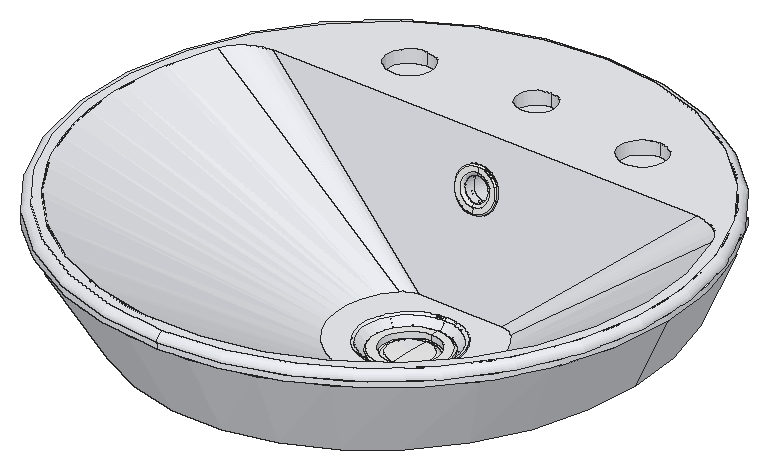
Revit family "Basin-Caroma Orbis Inset Vanity", category Plumbing Fixtures, host Face, Revit 2012
Parameters (values of type "Orbis Inset - 3 Tap Holes")
  Waste Radius [instance] = 30 mm
  Waste Connection = yes
  Waste = Metal-Chrome-Caroma
  Vent Connection = no
  URL = "www.caroma.com.au"
  Type Comments = "Vitreous China Inset Vanity Basin"  # constant formula
  Tap Penetrations = if([3 Tapholes], 0 mm, 100 mm)  # 0 mm
  Spout Penetration = if(or([1 Taphole], [3 Tapholes]), 0 mm, 100 mm)  # 0 mm
  PlumbingMaterial_ANZRS = Porcelain-White-Caroma
  Model = "633435"
  Manufacturer = "Caroma"  # constant formula
  HW Connection = no
  Description = "Orbis Inset Vanity Basin"  # constant formula
  Default Elevation = 1219.2 mm
  CreatedBy_ANZRS = "Design Content"  # constant formula
  CreatedByURL_ANZRS = "www.designcontent.com.au"
  CW Connection = no
  3 Tapholes = not([1 Taphole])  # yes
  1 Taphole = no
Reference planes
  plane 1 "Center (Front/Back)": y = 0
  plane 2: z = 0
  plane 3 "Center (Left/Right)": x = 0
  plane 4 "Back": y = 220
  plane 5 "Front": y = -220
  plane 6 "Left": x = -220
  plane 7 "Right": x = 220
  plane 8: y = 25
  plane 9: x = -90
  plane 10: y = 147
  plane 11: x = 90
  plane 12: z = 77
  plane 13 "Waste Connector": z = -85
  plane 14 "Tap Connectors": z = 67
  plane 15: z = 67
  plane 16: z = 67
Forms (mm)
  Revolve 1, solid, material "Porcelain-White-Caroma" <- "PlumbingMaterial_ANZRS"
    sketch origin (0, 0, 4.325) x (0, 1, 0) y (0, 0, 1)
      loop
        line (47.001, -89.325) -> (52.001, -89.325) -> (52.001, -54.07) -> (61.746, -44.325) -> (60.918, -39.325)
        arc (60.918, -39.325) -> (59.77, -39.553) -> (58.796, -40.204) r 3
        line (58.796, -40.204) -> (48.601, -50.399)
        arc (48.601, -50.399) -> (47.417, -52.171) -> (47.001, -54.261) r 5.461
        line (47.001, -54.261) -> (47.001, -89.325)
      axis (25, -89.325) -> (25, -39.325)
    angle from 0 to 360
  Revolve 2, void
    sketch origin (0, 0, 4.325) x (0, 1, 0) y (0, 0, 1)
      loop
        line (47.001, -87) -> (47.001, -54.261)
        arc (47.001, -54.261) -> (47.417, -52.171) -> (48.601, -50.399) r 5.461
        line (48.601, -50.399) -> (58.796, -40.204)
        arc (58.796, -40.204) -> (59.77, -39.553) -> (60.918, -39.325) r 3
        line (60.918, -39.325) -> (70.145, -39.325) -> (70.145, -30.246) -> (25, -30.246) -> (25, -87) -> (47.001, -87)
      axis (25, -87) -> (25, -30.246)
    angle from 0 to 360
  Revolve 3, solid, material "Metal-Chrome-Caroma" <- "Waste", detail levels fine
    sketch origin (0, 0, 4.325) x (0, 1, 0) y (0, 0, 1)
      loop
        line (25, -53.692) -> (37.21, -53.692) -> (46.961, -48.287) -> (46.961, -45.838) -> (52.971, -45.838) -> (52.971, -45.027) -> (51.863, -44.308) -> (45.393, -44.308) -> (45.393, -48.615) -> (37.737, -52.859) -> (37.737, -49.13) -> (43.571, -49.13)
        arc (43.571, -49.13) -> (42.547, -47.846) -> (41.02, -47.244) r 3.183
        arc (41.02, -47.244) -> (33.023, -46.552) -> (25, -46.322) r 139.649
        line (25, -46.322) -> (25, -53.692)
      axis (25, -53.692) -> (25, -44.308)
    angle from 0 to 360
  Revolve 4, solid, material "Metal-Chrome-Caroma" <- "Waste", detail levels fine
    sketch origin (0, -0.853, 13.57) x (0, 0.997564, -0.069756) y (0, 0.069756, 0.997564)
      loop
        line (98.081, 44.246) -> (89.785, 45.412) -> (90.451, 50.155) -> (89.526, 50.285) -> (88.463, 49.438) -> (87.896, 45.404)
        arc (87.896, 45.404) -> (88.28, 43.922) -> (89.598, 43.145) r 2
        line (89.598, 43.145) -> (97.765, 41.998) -> (98.081, 44.246)
      axis (96.481, 32.866) -> (86.334, 34.292)
    angle from 0 to 360
  Revolve 5, void
    sketch origin (0, -6.938, 13.741) x (0, 0.997564, -0.069756) y (0, 0.069756, 0.997564)
      loop
        line (129.097, 38.703) -> (90.8, 44.085) -> (89.516, 34.953) -> (127.813, 29.571) -> (129.097, 38.703)
      axis (127.813, 29.571) -> (89.516, 34.953)
    angle from 0 to 360
  Extrusion 6, void
    sketch origin (80.111, -4572, 67) x (0, -1, 0) y (-1, 0, 0)
      loop
        circle (-4709, 170.111) r 16.956
      loop
        circle (-4709, -9.889) r 17
    from 0 to -100
  Extrusion 7, void
    sketch origin (-14.884, -4572, 67) x (0, -1, 0) y (-1, 0, 0)
      loop
        circle (-4719, -14.884) r 14
    from 0 to -100
  Blend 8, solid, material "Porcelain-White-Caroma" <- "PlumbingMaterial_ANZRS"
    base sketch origin (0, 0, 0) x (1, 0, 0) y (0, 1, 0)
      loop
        circle (0, 0) r 220
    top sketch origin (0, 0, 0) x (1, 0, 0) y (0, 1, 0)
      loop
        spline (-180, 17.91) -> (-173.867, -33.724) -> (-155.885, -81.84) -> (-127.279, -123.158) -> (-90, -154.862) -> (-46.587, -174.792) -> (0, -181.59) -> (46.587, -174.792) -> (90, -154.862) -> (127.279, -123.158) -> (155.885, -81.84) -> (173.867, -33.724) -> (180, 17.91)
        spline (180, 17.91) -> (173.867, 69.544) -> (155.885, 117.66) -> (127.279, 158.978) -> (90, 190.682) -> (46.587, 210.612) -> (0, 217.41) -> (-46.587, 210.612) -> (-90, 190.682) -> (-127.279, 158.978) -> (-155.885, 117.66) -> (-173.867, 69.544) -> (-180, 17.91)
    from 67 to 0
  Revolve 9, solid, material "Porcelain-White-Caroma" <- "PlumbingMaterial_ANZRS"
    sketch origin (0, 0, 0) x (0, 1, 0) y (0, 0, 1)
      loop
        line (-220, 67) -> (-212, 67) -> (-212, 77) -> (-214, 77)
        arc (-214, 77) -> (-218.243, 75.243) -> (-220, 71) r 6
        line (-220, 71) -> (-220, 67)
      axis (0, 67) -> (0, 77)
    angle from 0 to 360
  Extrusion 10, solid, material "Porcelain-White-Caroma" <- "PlumbingMaterial_ANZRS"
    sketch origin (0, 0, 0) x (1, 0, 0) y (0, 1, 0)
      loop
        circle (0, 0) r 212
    from 67 to 77
  Blend 11, void
    base sketch origin (0, 0, 0) x (1, 0, 0) y (0, 1, 0)
      loop
        arc (-191.522, 78.54) -> (0, -207) -> (191.522, 78.54) r 207
        arc (191.522, 78.54) -> (180.476, 92.072) -> (163.765, 97.157) r 30
        line (163.765, 97.157) -> (-163.765, 97.157)
        arc (-163.765, 97.157) -> (-180.476, 92.072) -> (-191.522, 78.54) r 30
    top sketch origin (0, 0, 0) x (1, 0, 0) y (0, 1, 0)
      loop
        arc (-43.178, 68.115) -> (0, -27.594) -> (43.178, 68.115) r 57.594
        arc (43.178, 68.115) -> (38.101, 71.861) -> (31.933, 73.188) r 15
        line (31.933, 73.188) -> (-31.933, 73.188)
        arc (-31.933, 73.188) -> (-38.101, 71.861) -> (-43.178, 68.115) r 15
    from 77 to -35
  Blend 12, solid, material "Porcelain-White-Caroma" <- "PlumbingMaterial_ANZRS"
    base sketch origin (0, 0, 0) x (1, 0, 0) y (0, 1, 0)
      loop
        arc (-132.129, 90.615) -> (0, -142.71) -> (132.129, 90.615) r 154.074
        arc (132.129, 90.615) -> (123.008, 99.509) -> (110.689, 102.755) r 25
        line (110.689, 102.755) -> (-110.689, 102.755)
        arc (-110.689, 102.755) -> (-123.008, 99.509) -> (-132.129, 90.615) r 25
    top sketch origin (0, 0, 0) x (1, 0, 0) y (0, 1, 0)
      loop
        circle (0, 30) r 50
    from 0 to -45
  Extrusion 13, void
    sketch origin (0, 0, 0) x (1, 0, 0) y (0, 1, 0)
      loop
        spline (-160, 17.91) -> (-154.548, -28.548) -> (-138.564, -71.84) -> (-113.137, -109.016) -> (-80, -137.542) -> (-41.411, -155.474) -> (0, -161.59) -> (41.411, -155.474) -> (80, -137.542) -> (113.137, -109.016) -> (138.564, -71.84) -> (154.548, -28.548) -> (160, 17.91)
        spline (160, 17.91) -> (154.548, 64.368) -> (138.564, 107.66) -> (113.137, 144.836) -> (80, 173.361) -> (41.411, 191.294) -> (0, 197.41) -> (-41.411, 191.294) -> (-80, 173.361) -> (-113.137, 144.836) -> (-138.564, 107.66) -> (-154.548, 64.368) -> (-160, 17.91)
    from -85 to 0
Cuts and joins
  Revolve 2, Revolve 5, Extrusion 6, Extrusion 7, Blend 11 cuts Blend 8
  Revolve 2, Revolve 5, Extrusion 6, Extrusion 7 cuts Revolve 9
  Revolve 2, Revolve 5, Extrusion 6, Extrusion 7, Blend 11 cuts Extrusion 10
  Revolve 2, Revolve 5, Extrusion 6, Extrusion 7, Blend 11 cuts Blend 12
  joined: Blend 8, Revolve 9, Extrusion 10, Blend 12
Lines and regions (mm)
  Masking region 1
    outline origin (0, 0, 0) x (1, 0, 0) y (0, 1, 0)
      loop
        circle (0, 0) r 220
  Masking region 2
    outline origin (0, 0, 0) x (1, 0, 0) y (0, 0, 1)
      loop
        arc (-211.408, 77) -> (-216.352, 74.4) -> (-217.011, 68.854) r 6
        arc (-217.011, 68.854) -> (-200.703, 33.246) -> (-180, 0) r 307.478
        line (-180, 0) -> (180, 0)
        arc (180, 0) -> (200.703, 33.246) -> (217.011, 68.854) r 307.478
        arc (217.011, 68.854) -> (216.352, 74.4) -> (211.408, 77) r 6
        line (211.408, 77) -> (-211.408, 77)
  Masking region 3
    outline origin (0, 0, 0) x (0, 1, 0) y (0, 0, 1)
      loop
        line (210.659, 77) -> (-210.664, 77)
        arc (-210.664, 77) -> (-218.169, 72.967) -> (-218.948, 64.483) r 9
        arc (-218.948, 64.483) -> (-201.171, 30.577) -> (-178.134, 0) r 235.414
        line (-178.134, 0) -> (215.876, 0)
        arc (215.876, 0) -> (218.04, 33.807) -> (219.652, 67.645) r 2076.645
        arc (219.652, 67.645) -> (217.147, 74.237) -> (210.659, 77) r 9
  symbolic lines, visible <- "1 Taphole"
    curve 1: circle (0, 147, 0) r 14 normal (0, 0, 1)
  symbolic lines, visible <- "3 Tapholes"
    curve 2: circle (90, 137, 0) r 17 normal (0, 0, 1)
    curve 3: circle (-90, 137, 0) r 16.956 normal (0, 0, 1)
  symbolic lines
    curve 4: circle (0, 25, 0) r 35 normal (0, 0, 1)
    curve 5: circle (0, 25, 0) r 22.001 normal (0, 0, 1)
    curve 6: arc (-191.529, 73.086, 0) -> (0, -205, 0) -> (191.529, 73.086, 0) r 205
    curve 7: line (-163.5, 92.391, 0) -> (163.5, 92.391, 0)
    curve 8: arc (-163.5, 92.391, 0) -> (-180.517, 87.098, 0) -> (-191.529, 73.086, 0) r 30
    curve 9: arc (163.5, 92.391, 0) -> (180.517, 87.098, 0) -> (191.529, 73.086, 0) r 30
    curve 10: arc (-152.97, 92.391, 0) -> (-0.47, 84.74, 0) -> (152.03, 92.391, 0) r 1523.664
  symbolic lines, style "PlumbingFixturesHiddenLines"
    curve 11: arc (-141.9, 0, 0) -> (-93.905, 0, -28.207) -> (-40.829, 0, -45) r 248.063
    curve 12: line (-40.829, 0, -45) -> (-32.149, 0, -53.679)
    curve 13: line (-32.149, 0, -53.679) -> (-32.149, 0, -85)
    curve 14: arc (141.9, 0, 0) -> (93.905, 0, -28.207) -> (40.829, 0, -45) r 248.063
    curve 15: line (40.829, 0, -45) -> (32.149, 0, -53.679)
    curve 16: line (32.149, 0, -53.679) -> (32.149, 0, -85)
    curve 17: line (-32.149, 0, -85) -> (32.149, 0, -85)
    curve 18: arc (0, -135, 0) -> (0, -73.944, -27.963) -> (0, -8.987, -45) r 388.68
    curve 19: line (0, -8.987, -45) -> (0, -2.867, -51.12)
    curve 20: line (0, -2.867, -51.12) -> (0, -2.867, -85)
    curve 21: line (0, -2.867, -85) -> (0, 60.139, -85)
    curve 22: line (0, 60.139, -85) -> (0, 63.006, -80.904)
    curve 23: line (0, 63.006, -80.904) -> (0, 80.408, -80.904)
    curve 24: line (0, 80.408, -80.904) -> (0, 114.344, -46.968)
    curve 25: line (0, 114.344, -46.968) -> (0, 117.629, 0)
Dimensions and locks
  equal spacing: plane 6 "Left", plane 3 "Center (Left/Right)", plane 7 "Right"
  plane 6 "Left" to plane 7 "Right" = 440 mm
  equal spacing: plane 4 "Back", plane 1 "Center (Front/Back)", plane 5 "Front"
  plane 5 "Front" to plane 4 "Back" = 440 mm
  plane 4 "Back" to plane 8 = 195 mm
  plane 9 to plane 3 "Center (Left/Right)" to plane 11 = 90 mm, 90 mm
  plane 4 "Back" to plane 10 = 73 mm
  plane 12 to plane 14 "Tap Connectors" to level = 10 mm locked, 67 mm
  level to plane 13 "Waste Connector" = 85 mm
  "Tap Penetrations": plane 15 to plane 14 "Tap Connectors"
  "Spout Penetration": plane 16 to plane 14 "Tap Connectors"
  plane 12 to plane 13 "Waste Connector" = 162 mm
  aligned and locked: plane 2 to host face
  aligned and locked: level to host face
  aligned and locked: plane 9 to Extrusion 6 sketch curve
  aligned and locked: plane 11 to Extrusion 6 sketch curve
  aligned and locked: plane 3 "Center (Left/Right)" to Extrusion 7 sketch curve
  aligned and locked: plane 10 to Extrusion 7 sketch curve
Automatic sketch dimensions
  host sketch curve to host sketch curve = 2438.4 mm  (x2)
  Revolve 2 sketch curve to plane 8 = 0 mm  (x2)
  Revolve 2 sketch curve to Revolve 2 sketch curve = 1.6 mm
  Revolve 2 sketch curve to Revolve 2 sketch curve = 10.196 mm
  Revolve 2 sketch curve to Revolve 2 sketch curve = 2.121 mm  (x2)
  Revolve 2 sketch curve to Revolve 2 sketch curve = 9.227 mm
  Revolve 2 sketch curve to Revolve 2 sketch curve = 0 mm  (x2)
  Revolve 2 sketch curve to level = 25.921 mm
  Revolve 2 sketch curve to Revolve 2 sketch curve = 11.936 mm
  Revolve 2 sketch curve to Revolve 2 sketch curve = 3.862 mm
  Revolve 2 sketch curve to Revolve 2 sketch curve = 22.001 mm
  Revolve 2 sketch curve to Revolve 2 sketch curve = 9.079 mm
  Revolve 2 sketch curve to Revolve 2 sketch curve = 32.739 mm
  Revolve 3 sketch curve to plane 8 = 0 mm  (x2)
  Revolve 3 sketch curve to Revolve 3 sketch curve = 12.21 mm
  Revolve 3 sketch curve to Revolve 3 sketch curve = 0.528 mm
  Revolve 3 sketch curve to Revolve 3 sketch curve = 2.918 mm
  Revolve 3 sketch curve to Revolve 3 sketch curve = 0.365 mm
  Revolve 3 sketch curve to Revolve 3 sketch curve = 0 mm  (x3)
  Revolve 3 sketch curve to Revolve 3 sketch curve = 2.551 mm
  Revolve 3 sketch curve to Revolve 3 sketch curve = 1.822 mm
  Revolve 3 sketch curve to Revolve 3 sketch curve = 1.568 mm
  Revolve 3 sketch curve to Revolve 3 sketch curve = 4.902 mm
  Revolve 3 sketch curve to Revolve 3 sketch curve = 1.107 mm
  Revolve 3 sketch curve to level = 181.646 mm
  Revolve 3 sketch curve to level = 49.367 mm
  Revolve 3 sketch curve to Revolve 3 sketch curve = 0.833 mm
  Revolve 3 sketch curve to Revolve 3 sketch curve = 2.453 mm
  Revolve 3 sketch curve to Revolve 3 sketch curve = 0.515 mm
  Revolve 3 sketch curve to Revolve 3 sketch curve = 0.328 mm
  Revolve 3 sketch curve to Revolve 3 sketch curve = 2.449 mm
  Revolve 3 sketch curve to Revolve 3 sketch curve = 0.811 mm
  Revolve 3 sketch curve to Revolve 3 sketch curve = 0.719 mm
  plane 1 "Center (Front/Back)" to Blend 8 sketch curve = 0 mm
  Blend 8 sketch curve to plane 3 "Center (Left/Right)" = 0 mm  (x2)
  Blend 8 sketch curve to plane 8 = 7.09 mm
  Blend 8 sketch curve to plane 6 "Left" = 40 mm
  Revolve 9 sketch curve to plane 5 "Front" = 0 mm
  Revolve 9 sketch curve to plane 12 = 0 mm
  Revolve 9 sketch curve to plane 1 "Center (Front/Back)" = 0 mm
  plane 14 "Tap Connectors" to Revolve 9 sketch curve = 4 mm
  Revolve 9 sketch curve to Revolve 9 sketch curve = 2 mm
  plane 12 to Revolve 9 sketch curve = 22.249 mm
  Revolve 9 sketch curve to Revolve 9 sketch curve = 22.213 mm
  Revolve 9 sketch curve to plane 14 "Tap Connectors" = 0 mm
  plane 1 "Center (Front/Back)" to Blend 11 sketch curve = 0 mm
  Blend 11 sketch curve to plane 3 "Center (Left/Right)" = 0 mm  (x2)
  Blend 11 sketch curve to plane 6 "Left" = 56.235 mm
  Blend 11 sketch curve to plane 6 "Left" = 28.478 mm
  Blend 11 sketch curve to Blend 11 sketch curve = 0 mm  (x4)
  Blend 11 sketch curve to plane 7 "Right" = 56.235 mm
  Blend 11 sketch curve to plane 7 "Right" = 28.478 mm
  Blend 11 sketch curve to plane 3 "Center (Left/Right)" = 31.933 mm
  Blend 11 sketch curve to Blend 11 sketch curve = 11.245 mm  (x2)
  plane 3 "Center (Left/Right)" to Blend 11 sketch curve = 31.933 mm
  plane 8 to Blend 11 sketch curve = 5 mm
  Extrusion 10 sketch curve to plane 3 "Center (Left/Right)" = 0 mm
  plane 1 "Center (Front/Back)" to Extrusion 10 sketch curve = 0 mm
  Extrusion 10 sketch curve to plane 5 "Front" = 8 mm
  Blend 12 sketch curve to plane 3 "Center (Left/Right)" = 0 mm  (x2)
  Blend 12 sketch curve to plane 9 = 20.689 mm
  Blend 12 sketch curve to Blend 12 sketch curve = 21.439 mm  (x2)
  Blend 12 sketch curve to Blend 12 sketch curve = 0 mm  (x2)
  Blend 12 sketch curve to plane 11 = 20.689 mm
  Blend 12 sketch curve to plane 1 "Center (Front/Back)" = 11.364 mm
  plane 8 to Blend 12 sketch curve = 5 mm
  Revolve 1 sketch curve to plane 8 = 0 mm
  Revolve 1 sketch curve to plane 13 "Waste Connector" = 0 mm
  plane 8 to Revolve 1 sketch curve = 22.001 mm
  Revolve 1 sketch curve to Revolve 1 sketch curve = 1.6 mm
  Revolve 1 sketch curve to Revolve 1 sketch curve = 3.4 mm
  Revolve 1 sketch curve to Revolve 1 sketch curve = 0.461 mm
  Revolve 1 sketch curve to Revolve 1 sketch curve = 10.196 mm
  Revolve 1 sketch curve to Revolve 1 sketch curve = 2.121 mm  (x2)
  plane 13 "Waste Connector" to Revolve 1 sketch curve = 2.325 mm
  plane 13 "Waste Connector" to Revolve 1 sketch curve = 35.064 mm
  Revolve 1 sketch curve to Revolve 1 sketch curve = 0.191 mm
  Revolve 1 sketch curve to Revolve 1 sketch curve = 2 mm
  Revolve 1 sketch curve to level = 25.921 mm
  Revolve 1 sketch curve to Revolve 1 sketch curve = 0.828 mm
  Revolve 1 sketch curve to Revolve 1 sketch curve = 9.936 mm
  Extrusion 6 sketch curve to plane 10 = 10 mm  (x2)
  Revolve 4 sketch curve to plane 14 "Tap Connectors" = 25.487 mm
  Revolve 4 sketch curve to plane 10 = 58.191 mm
  Revolve 4 sketch curve to Revolve 4 sketch curve = 0.402 mm
  Revolve 4 sketch curve to Revolve 4 sketch curve = 0.567 mm
  Revolve 4 sketch curve to Revolve 4 sketch curve = 1.063 mm
  Revolve 4 sketch curve to Revolve 4 sketch curve = 1.702 mm
  Revolve 4 sketch curve to Revolve 4 sketch curve = 1.888 mm
  Revolve 4 sketch curve to Revolve 4 sketch curve = 0.092 mm
  Revolve 4 sketch curve to Revolve 4 sketch curve = 0.925 mm
  Revolve 4 sketch curve to Revolve 4 sketch curve = 8.987 mm
  Revolve 4 sketch curve to Revolve 4 sketch curve = 8.166 mm
  Revolve 4 sketch curve to Revolve 4 sketch curve = 0.316 mm
  Revolve 4 sketch curve to Revolve 4 sketch curve = 1.263 mm
  Revolve 4 sketch curve to Revolve 4 sketch curve = 9.132 mm
  Revolve 4 sketch curve to Revolve 4 sketch curve = 1.148 mm
  Revolve 4 sketch curve to Revolve 4 sketch curve = 0.286 mm
  Revolve 4 sketch curve to Revolve 4 sketch curve = 0.847 mm
  Revolve 5 sketch curve to plane 14 "Tap Connectors" = 24.635 mm
  Revolve 5 sketch curve to plane 10 = 62.202 mm
  Revolve 5 sketch curve to Revolve 5 sketch curve = 1.283 mm
  Revolve 5 sketch curve to Revolve 5 sketch curve = 5.867 mm
  Revolve 5 sketch curve to Revolve 5 sketch curve = 8.987 mm
  Revolve 5 sketch curve to Revolve 5 sketch curve = 23.443 mm
  Revolve 5 sketch curve to Revolve 5 sketch curve = 0.825 mm
  Revolve 5 sketch curve to Revolve 5 sketch curve = 1.263 mm
  Revolve 5 sketch curve to Revolve 5 sketch curve = 3.295 mm
  Extrusion 13 sketch curve to plane 3 "Center (Left/Right)" = 0 mm
  Extrusion 13 sketch curve to plane 8 = 7.09 mm
  Extrusion 13 sketch curve to plane 6 "Left" = 60 mm
  plane 1 "Center (Front/Back)" to Masking region 1 sketch curve = 0 mm
  Masking region 1 sketch curve to plane 3 "Center (Left/Right)" = 0 mm
  curve 4 to curve 5 = 0 mm  (x2)
  curve 3 to plane 9 = 0 mm
  curve 1 to plane 3 "Center (Left/Right)" = 0 mm
  curve 5 to plane 3 "Center (Left/Right)" = 0 mm
  plane 1 "Center (Front/Back)" to curve 6 = 0 mm
  curve 6 to plane 3 "Center (Left/Right)" = 0 mm
  curve 2 to plane 11 = 0 mm
  curve 4 to plane 8 = 0 mm
  curve 1 to plane 10 = 0 mm
  curve 7 to curve 10 = 10.53 mm
  curve 6 to plane 6 "Left" = 28.471 mm
  curve 8 to curve 6 = 0 mm
  curve 10 to plane 3 "Center (Left/Right)" = 0.47 mm
  curve 10 to plane 11 = 62.03 mm
  curve 10 to curve 7 = 11.471 mm
  curve 6 to plane 7 "Right" = 28.471 mm
  plane 8 to curve 9 = 37.391 mm
  curve 2 to plane 10 = 10 mm
  curve 3 to plane 10 = 10 mm
  plane 4 "Back" to curve 10 = 1388.404 mm
  Masking region 2 sketch curve to level = 0 mm
  Masking region 2 sketch curve to plane 6 "Left" = 2.989 mm
  Masking region 2 sketch curve to Masking region 2 sketch curve = 0 mm
  Masking region 2 sketch curve to plane 6 "Left" = 8.592 mm
  Masking region 2 sketch curve to Masking region 2 sketch curve = 31.408 mm
  plane 9 to Masking region 2 sketch curve = 19.872 mm
  plane 11 to Masking region 2 sketch curve = 19.872 mm
  Masking region 2 sketch curve to plane 7 "Right" = 40 mm
  Masking region 2 sketch curve to plane 7 "Right" = 8.592 mm
  plane 14 "Tap Connectors" to Masking region 2 sketch curve = 1.854 mm
  Masking region 2 sketch curve to plane 7 "Right" = 2.989 mm
  Masking region 2 sketch curve to plane 12 = 0 mm
  curve 11 to level = 0 mm
  curve 16 to plane 13 "Waste Connector" = 0 mm
  curve 14 to level = 0 mm
  curve 11 to plane 9 = 51.9 mm
  curve 11 to plane 3 "Center (Left/Right)" = 40.829 mm
  curve 12 to curve 13 = 8.679 mm
  curve 14 to plane 3 "Center (Left/Right)" = 6.991 mm
  plane 3 "Center (Left/Right)" to curve 11 = 6.991 mm
  plane 3 "Center (Left/Right)" to curve 17 = 32.149 mm
  curve 15 to curve 14 = 8.679 mm  (x2)
  curve 14 to plane 11 = 51.9 mm
  curve 13 to curve 12 = 31.321 mm
  curve 17 to curve 16 = 31.321 mm
  curve 12 to curve 12 = 8.679 mm
  Masking region 3 sketch curve to plane 12 = 0 mm
  Masking region 3 sketch curve to level = 0 mm
  plane 12 to Masking region 3 sketch curve = 72.547 mm
  plane 5 "Front" to Masking region 3 sketch curve = 1635.377 mm
  Masking region 3 sketch curve to plane 5 "Front" = 1.052 mm
  Masking region 3 sketch curve to Masking region 3 sketch curve = 0 mm
  Masking region 3 sketch curve to plane 5 "Front" = 9.336 mm
  Masking region 3 sketch curve to Masking region 3 sketch curve = 32.53 mm
  plane 1 "Center (Front/Back)" to Masking region 3 sketch curve = 2.255 mm
  plane 14 "Tap Connectors" to Masking region 3 sketch curve = 1 mm
  Masking region 3 sketch curve to plane 4 "Back" = 9.341 mm
  Masking region 3 sketch curve to plane 4 "Back" = 4.124 mm
  curve 18 to level = 0 mm
  curve 20 to plane 13 "Waste Connector" = 0 mm
  curve 25 to level = 0 mm
  curve 18 to plane 5 "Front" = 85 mm
  plane 1 "Center (Front/Back)" to curve 18 = 8.987 mm
  plane 1 "Center (Front/Back)" to curve 19 = 2.867 mm
  plane 8 to curve 18 = 31.771 mm
  plane 8 to curve 21 = 35.139 mm
  curve 21 to curve 23 = 2.868 mm
  plane 13 "Waste Connector" to curve 23 = 4.096 mm
  curve 22 to curve 23 = 17.401 mm
  curve 25 to plane 10 = 32.656 mm
  curve 25 to plane 10 = 29.371 mm
  curve 20 to curve 20 = 33.88 mm
  plane 13 "Waste Connector" to curve 24 = 38.032 mm
  curve 19 to curve 18 = 6.12 mm
  radius of Extrusion 6 sketch curve = 16.956 mm
  radius of Extrusion 6 sketch curve = 17 mm
  radius of Extrusion 7 sketch curve = 14 mm
  radius of Blend 8 sketch curve = 220 mm
  radius of Blend 12 sketch curve = 50 mm
  radius of Masking region 1 sketch curve = 220 mm
  radius of curve 1 = 14 mm
  radius of curve 2 = 17 mm
  radius of curve 3 = 16.956 mm
  radius of curve 4 = 35 mm
  radius of curve 5 = 22.001 mm
Connectors
  piping at (0, 25, -85), driven by "Waste Radius"
    settings: on Revolve 1, index 1, connector radius 1.1811", flow factor 0, pipe flow 0 GPM, pressure drop 0.00 psi, fitting loss kfactor 0, connector angle 0.00°, fixture units 0, engagement length 0 mm, flow configuration 2, flow direction 2, fitting loss method 0, system type 16, joint type 0, gender type 0, connector reference index -1, connector utility 0, adjustable connector no, is connector primary yes, fitting loss table "", connector description ""
Types in the file's own list only (1): name | Tap Penetrations | Model | Default Elevation | 3 Tapholes | 1 Taphole
  Orbis Inset - 1 Tap Hole | 100 mm | "633415" | 1219 mm | No | Yes
